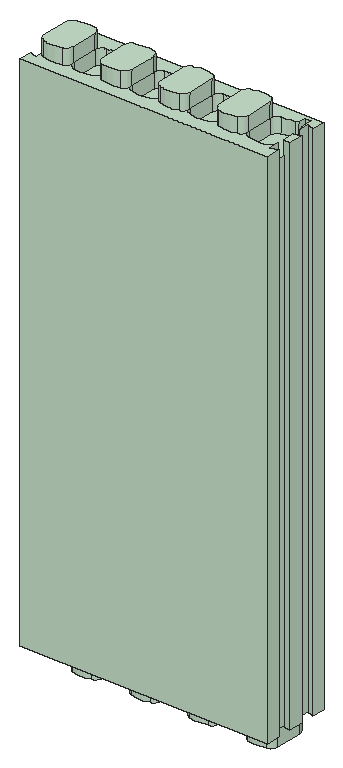
Revit family
Reference planes (in)
  plane 1 "Center (Front/Back)": y = 0
  plane 2: z = 0
  plane 3 "Center (Left/Right)": x = -1
  plane 4: y = 2.375
  plane 5: z = 18
  plane 6: x = 7.5
Forms (in)
  Extrusion 1, solid, material "NUDURA Expanded Polystyrene Foam Insulation"
    sketch origin (0, 0, 0) x (1, 0, 0) y (0, 1, 0)
      loop
        line (-1, 0) -> (7.5, 0) -> (7.5, 0.44867) -> (7.25, 0.38168) -> (7.25, 0.98867) -> (7.5, 0.92633) -> (7.5, 1.44867) -> (7.25, 1.38168) -> (7.25, 1.98867) -> (7.5, 1.92633) -> (7.5, 2.375) -> (-1, 2.375) -> (-1, 1.92633) -> (-0.75, 1.99332) -> (-0.75, 1.38633) -> (-1, 1.44867) -> (-1, 0.92633) -> (-0.75, 0.99332) -> (-0.75, 0.38633) -> (-1, 0.44867) -> (-1, 0)
    from 0 to 18
  Extrusion 2, void
    sketch origin (-0.01563, 0, 0) x (1, 0, 0) y (0, 1, 0)
      loop
        arc (2.98523, 1.98842) -> (2.96388, 1.94159) -> (2.91453, 1.92701) r 0.06202
        arc (2.91453, 1.92701) -> (2.67428, 1.93357) -> (2.4387, 1.88595) r 1.0625
        arc (2.4387, 1.88595) -> (2.31347, 1.79517) -> (2.26563, 1.64808) r 0.25
        line (2.26563, 1.64808) -> (2.26563, 0.72692)
        arc (2.26563, 0.72692) -> (2.31347, 0.57983) -> (2.4387, 0.48905) r 0.25
        arc (2.4387, 0.48905) -> (2.76563, 0.4375) -> (3.09255, 0.48905) r 1.0625
        arc (3.09255, 0.48905) -> (3.21778, 0.57983) -> (3.26563, 0.72692) r 0.25
        line (3.26563, 0.72692) -> (3.26563, 1.64808)
        arc (3.26563, 1.64808) -> (3.25199, 1.72953) -> (3.21256, 1.80209) r 0.25
        arc (3.21256, 1.80209) -> (3.20278, 1.82009) -> (3.19939, 1.84029) r 0.06202
        line (3.19939, 1.84029) -> (3.19939, 2.21033) -> (2.98523, 2.21033) -> (2.98523, 1.98842)
    from 18 to 17.5
  Extrusion 3, void
    sketch origin (1.98437, 0, 0) x (1, 0, 0) y (0, 1, 0)
      loop
        arc (2.98523, 1.98842) -> (2.96388, 1.94159) -> (2.91453, 1.92701) r 0.06202
        arc (2.91453, 1.92701) -> (2.67428, 1.93357) -> (2.4387, 1.88595) r 1.0625
        arc (2.4387, 1.88595) -> (2.31347, 1.79517) -> (2.26563, 1.64808) r 0.25
        line (2.26563, 1.64808) -> (2.26563, 0.72692)
        arc (2.26563, 0.72692) -> (2.31347, 0.57983) -> (2.4387, 0.48905) r 0.25
        arc (2.4387, 0.48905) -> (2.76563, 0.4375) -> (3.09255, 0.48905) r 1.0625
        arc (3.09255, 0.48905) -> (3.21778, 0.57983) -> (3.26563, 0.72692) r 0.25
        line (3.26563, 0.72692) -> (3.26563, 1.64808)
        arc (3.26563, 1.64808) -> (3.25199, 1.72953) -> (3.21256, 1.80209) r 0.25
        arc (3.21256, 1.80209) -> (3.20278, 1.82009) -> (3.19939, 1.84029) r 0.06202
        line (3.19939, 1.84029) -> (3.19939, 2.21033) -> (2.98523, 2.21033) -> (2.98523, 1.98842)
    from 18 to 17.5
  Extrusion 4, void
    sketch origin (-2.01563, 0, 0) x (1, 0, 0) y (0, 1, 0)
      loop
        arc (2.98523, 1.98842) -> (2.96388, 1.94159) -> (2.91453, 1.92701) r 0.06202
        arc (2.91453, 1.92701) -> (2.67428, 1.93357) -> (2.4387, 1.88595) r 1.0625
        arc (2.4387, 1.88595) -> (2.31347, 1.79517) -> (2.26563, 1.64808) r 0.25
        line (2.26563, 1.64808) -> (2.26563, 0.72692)
        arc (2.26563, 0.72692) -> (2.31347, 0.57983) -> (2.4387, 0.48905) r 0.25
        arc (2.4387, 0.48905) -> (2.76563, 0.4375) -> (3.09255, 0.48905) r 1.0625
        arc (3.09255, 0.48905) -> (3.21778, 0.57983) -> (3.26563, 0.72692) r 0.25
        line (3.26563, 0.72692) -> (3.26563, 1.64808)
        arc (3.26563, 1.64808) -> (3.25199, 1.72953) -> (3.21256, 1.80209) r 0.25
        arc (3.21256, 1.80209) -> (3.20278, 1.82009) -> (3.19939, 1.84029) r 0.06202
        line (3.19939, 1.84029) -> (3.19939, 2.21033) -> (2.98523, 2.21033) -> (2.98523, 1.98842)
    from 18 to 17.5
  Extrusion 5, void
    sketch origin (0, 0, 0) x (1, 0, 0) y (0, 1, 0)
      loop
        line (5.53039, 1.98842) -> (5.53039, 2.21033) -> (5.31623, 2.21033) -> (5.31623, 1.84029)
        arc (5.31623, 1.84029) -> (5.31285, 1.82009) -> (5.30307, 1.80209) r 0.06202
        arc (5.30307, 1.80209) -> (5.26364, 1.72953) -> (5.25, 1.64808) r 0.25
        line (5.25, 1.64808) -> (5.25, 0.72692)
        arc (5.25, 0.72692) -> (5.29785, 0.57983) -> (5.42308, 0.48905) r 0.25
        arc (5.42308, 0.48905) -> (5.75, 0.4375) -> (6.07692, 0.48905) r 1.0625
        arc (6.07692, 0.48905) -> (6.20215, 0.57983) -> (6.25, 0.72692) r 0.25
        line (6.25, 0.72692) -> (6.25, 1.64808)
        arc (6.25, 1.64808) -> (6.20215, 1.79517) -> (6.07692, 1.88595) r 0.25
        arc (6.07692, 1.88595) -> (5.84135, 1.93357) -> (5.6011, 1.92701) r 1.0625
        arc (5.6011, 1.92701) -> (5.55174, 1.94159) -> (5.53039, 1.98842) r 0.06202
      loop
        line (3.53039, 1.98842) -> (3.53039, 2.21033) -> (3.31623, 2.21033) -> (3.31623, 1.84029)
        arc (3.31623, 1.84029) -> (3.31285, 1.82009) -> (3.30307, 1.80209) r 0.06202
        arc (3.30307, 1.80209) -> (3.26364, 1.72953) -> (3.25, 1.64808) r 0.25
        line (3.25, 1.64808) -> (3.25, 0.72692)
        arc (3.25, 0.72692) -> (3.29785, 0.57983) -> (3.42308, 0.48905) r 0.25
        arc (3.42308, 0.48905) -> (3.75, 0.4375) -> (4.07692, 0.48905) r 1.0625
        arc (4.07692, 0.48905) -> (4.20215, 0.57983) -> (4.25, 0.72692) r 0.25
        line (4.25, 0.72692) -> (4.25, 1.64808)
        arc (4.25, 1.64808) -> (4.20215, 1.79517) -> (4.07692, 1.88595) r 0.25
        arc (4.07692, 1.88595) -> (3.84135, 1.93357) -> (3.6011, 1.92701) r 1.0625
        arc (3.6011, 1.92701) -> (3.55174, 1.94159) -> (3.53039, 1.98842) r 0.06202
      loop
        line (1.53039, 1.98842) -> (1.53039, 2.21033) -> (1.31623, 2.21033) -> (1.31623, 1.84029)
        arc (1.31623, 1.84029) -> (1.31285, 1.82009) -> (1.30307, 1.80209) r 0.06202
        arc (1.30307, 1.80209) -> (1.26364, 1.72953) -> (1.25, 1.64808) r 0.25
        line (1.25, 1.64808) -> (1.25, 0.72692)
        arc (1.25, 0.72692) -> (1.29785, 0.57983) -> (1.42308, 0.48905) r 0.25
        arc (1.42308, 0.48905) -> (1.75, 0.4375) -> (2.07692, 0.48905) r 1.0625
        arc (2.07692, 0.48905) -> (2.20215, 0.57983) -> (2.25, 0.72692) r 0.25
        line (2.25, 0.72692) -> (2.25, 1.64808)
        arc (2.25, 1.64808) -> (2.20215, 1.79517) -> (2.07692, 1.88595) r 0.25
        arc (2.07692, 1.88595) -> (1.84135, 1.93357) -> (1.6011, 1.92701) r 1.0625
        arc (1.6011, 1.92701) -> (1.55174, 1.94159) -> (1.53039, 1.98842) r 0.06202
      loop
        line (-0.46961, 1.98842) -> (-0.46961, 2.21033) -> (-0.68377, 2.21033) -> (-0.68377, 1.84029)
        arc (-0.68377, 1.84029) -> (-0.68715, 1.82009) -> (-0.69693, 1.80209) r 0.06202
        arc (-0.69693, 1.80209) -> (-0.73636, 1.72953) -> (-0.75, 1.64808) r 0.25
        line (-0.75, 1.64808) -> (-0.75, 0.72692)
        arc (-0.75, 0.72692) -> (-0.70215, 0.57983) -> (-0.57692, 0.48905) r 0.25
        arc (-0.57692, 0.48905) -> (-0.25, 0.4375) -> (0.07692, 0.48905) r 1.0625
        arc (0.07692, 0.48905) -> (0.20215, 0.57983) -> (0.25, 0.72692) r 0.25
        line (0.25, 0.72692) -> (0.25, 1.64808)
        arc (0.25, 1.64808) -> (0.20215, 1.79517) -> (0.07692, 1.88595) r 0.25
        arc (0.07692, 1.88595) -> (-0.15865, 1.93357) -> (-0.3989, 1.92701) r 1.0625
        arc (-0.3989, 1.92701) -> (-0.44826, 1.94159) -> (-0.46961, 1.98842) r 0.06202
    from 0 to 0.5
  Extrusion 6, void
    sketch origin (3.98437, 0, 0) x (1, 0, 0) y (0, 1, 0)
      loop
        arc (2.98523, 1.98842) -> (2.96388, 1.94159) -> (2.91453, 1.92701) r 0.06202
        arc (2.91453, 1.92701) -> (2.67428, 1.93357) -> (2.4387, 1.88595) r 1.0625
        arc (2.4387, 1.88595) -> (2.31347, 1.79517) -> (2.26563, 1.64808) r 0.25
        line (2.26563, 1.64808) -> (2.26563, 0.72692)
        arc (2.26563, 0.72692) -> (2.31347, 0.57983) -> (2.4387, 0.48905) r 0.25
        arc (2.4387, 0.48905) -> (2.76563, 0.4375) -> (3.09255, 0.48905) r 1.0625
        arc (3.09255, 0.48905) -> (3.21778, 0.57983) -> (3.26563, 0.72692) r 0.25
        line (3.26563, 0.72692) -> (3.26563, 1.64808)
        arc (3.26563, 1.64808) -> (3.25199, 1.72953) -> (3.21256, 1.80209) r 0.25
        arc (3.21256, 1.80209) -> (3.20278, 1.82009) -> (3.19939, 1.84029) r 0.06202
        line (3.19939, 1.84029) -> (3.19939, 2.21033) -> (2.98523, 2.21033) -> (2.98523, 1.98842)
    from 18 to 17.5
Cuts and joins
  Extrusion 2, Extrusion 3, Extrusion 4, Extrusion 5, Extrusion 6 cuts Extrusion 1
Dimensions and locks (in)
  locked: plane 5 to plane 2 at 18
  aligned and locked: cut or joined group of Extrusion 1, Extrusion 2, Extrusion 3, Extrusion 4, Extrusion 5, Extrusion 6 to nested 10
Nested families (in)
  nested 1: "Capture Lugs" at (3.25, 5.625, 0), type "Capture Lugs"
  nested 2: "Interlock Tooth" at (1.25, 5.625, 0), type "Interlock Tooth"
  nested 3: "Interlock Tooth" at (3.25, 5.625, 0), type "Interlock Tooth"
  nested 4: "Interlock Tooth" at (5.25, 5.625, 0), type "Interlock Tooth"
  nested 5: "Interlock Tooth" at (4.25, 5.625, -18.5), type "Interlock Tooth"
  nested 6: "Interlock Tooth" at (2.25, 5.625, -18.5), type "Interlock Tooth"
  nested 7: "Interlock Tooth" at (0.25, 5.625, -18.5), type "Interlock Tooth"
  nested 8: "Interlock Tooth" at (6.25, 5.625, -18.5), type "Interlock Tooth"
  nested 9: "Interlock Tooth" at (-0.75, 5.625, 0), type "Interlock Tooth"
  nested 10: "NUDURA Logo Diamond without Outside Line" at (-8.74744, 0, 0), type "NUDURA Logo Diamond without Outside Line"
Definition of nested family "Capture Lugs"
  Reference planes (in)
    plane 1 "Center (Front/Back)": y = 0
    plane 2: z = 0
    plane 3 "Center (Left/Right)": x = 0
  Forms (in)
    Extrusion 1, solid, material "High Density Polystyrene"
      sketch origin (0, 0, 0) x (0, 1, 0) y (0, 0, 1)
        loop
          arc (-3.25, 0) -> (-3.22112, 0.01975) -> (-3.21, 0.05292) r 0.055
          line (-3.21, 0.05292) -> (-3.21, 17.69292)
          arc (-3.21, 17.69292) -> (-3.22112, 17.72608) -> (-3.25, 17.74583) r 0.055
          line (-3.25, 17.74583) -> (-3.25, 0)
      from 0.36328 to -0.36328
    Extrusion 2, solid, material "High Density Polystyrene"
      sketch origin (0, 0, 0) x (0, 1, 0) y (0, 0, 1)
        loop
          line (-3.21, 16.17792) -> (-3.21, 14.97792) -> (-2.71, 14.97792) -> (-2.71, 16.17792) -> (-3.21, 16.17792)
        loop
          line (-3.21, 14.22792) -> (-3.21, 13.02792) -> (-2.71, 13.02792) -> (-2.71, 14.22792) -> (-3.21, 14.22792)
        loop
          line (-3.21, 12.27792) -> (-3.21, 11.07792) -> (-2.71, 11.07792) -> (-2.71, 12.27792) -> (-3.21, 12.27792)
        loop
          line (-3.21, 10.32792) -> (-3.21, 9.24792) -> (-2.71, 9.24792) -> (-2.71, 10.32792) -> (-3.21, 10.32792)
        loop
          line (-3.21, 8.49792) -> (-3.21, 7.41792) -> (-2.71, 7.41792) -> (-2.71, 8.49792) -> (-3.21, 8.49792)
        loop
          line (-3.21, 6.66792) -> (-3.21, 5.46792) -> (-2.71, 5.46792) -> (-2.71, 6.66792) -> (-3.21, 6.66792)
        loop
          line (-3.21, 4.71792) -> (-3.21, 3.51792) -> (-2.71, 3.51792) -> (-2.71, 4.71792) -> (-3.21, 4.71792)
        loop
          line (-3.21, 2.76792) -> (-3.21, 1.56792) -> (-2.71, 1.56792) -> (-2.71, 2.76792) -> (-3.21, 2.76792)
      from 0.25 to -0.25
    Extrusion 3, void
      sketch origin (0, 0, 0) x (1, 0, 0) y (0, 1, 0)
        loop
          arc (-0.25, -2.79249) -> (-0.22584, -2.73416) -> (-0.1675, -2.71) r 0.0825
          line (-0.1675, -2.71) -> (-0.25, -2.71) -> (-0.25, -2.79249)
      from 0 to 18
    Extrusion 4, void
      sketch origin (0, 0, 0) x (-1, 0, 0) y (0, -1, 0)
        loop
          line (-0.25, 2.79249) -> (-0.25, 2.71) -> (-0.1675, 2.71)
          arc (-0.1675, 2.71) -> (-0.22584, 2.73416) -> (-0.25, 2.79249) r 0.0825
      from 0 to 18
    Extrusion 5, void
      sketch origin (0, 0, 0) x (1, 0, 0) y (0, 1, 0)
        loop
          arc (-0.04687, -2.835) -> (0, -3.07587) -> (0.04688, -2.835) r 0.125
          line (0.04688, -2.835) -> (0.04688, -2.71) -> (-0.04687, -2.71) -> (-0.04687, -2.835)
      from 0 to 18
  Cuts and joins
    Extrusion 3, Extrusion 4 cuts Extrusion 1
    Extrusion 3, Extrusion 4, Extrusion 5 cuts Extrusion 2
Definition of nested family "Interlock Tooth"
  Reference planes (in)
    plane 1 "Center (Front/Back)": y = 0
    plane 2: z = 0
    plane 3 "Center (Left/Right)": x = 0
    plane 4: z = 18
    plane 5: z = 18.5
    plane 6: z = -0.5
  Forms (in)
    Extrusion 1, solid, material "NUDURA Expanded Polystyrene Foam Insulation"
      sketch origin (0, -8.875, 0) x (1, 0, 0) y (0, 1, 0)
        loop
          arc (0, 3.97692) -> (0.04785, 3.82983) -> (0.17308, 3.73905) r 0.25
          arc (0.17308, 3.73905) -> (0.5, 3.6875) -> (0.82692, 3.73905) r 1.0625
          arc (0.82692, 3.73905) -> (0.95215, 3.82983) -> (1, 3.97692) r 0.25
          line (1, 3.97692) -> (1, 4.89808)
          arc (1, 4.89808) -> (0.95215, 5.04517) -> (0.82692, 5.13595) r 0.25
          arc (0.82692, 5.13595) -> (0.5, 5.1875) -> (0.17308, 5.13595) r 1.0625
          arc (0.17308, 5.13595) -> (0.04785, 5.04517) -> (0, 4.89808) r 0.25
          line (0, 4.89808) -> (0, 3.97692)
      from 18 to 18.5
  Dimensions and locks (in)
    locked: plane 4 to level at 18
    locked: plane 4 to plane 5 at 0.5
    locked: plane 6 to level at 0.5
Definition of nested family "NUDURA Logo Diamond without Outside Line"
  Reference planes (in)
    plane 1 "Center (Front/Back)": y = 0
    plane 2: z = 0
    plane 3 "Center (Left/Right)": x = 0
  Lines and regions (in)
    model lines
      curve 1: line (12.59848, 0, 17.50104) -> (12.24492, 0, 17.85459)
      curve 2: line (12.36113, 0, 16.76872) -> (12.59848, 0, 17.00607)
      curve 3: line (12.59848, 0, 16.00104) -> (12.36113, 0, 16.23839)
      curve 4: line (12.36113, 0, 15.26872) -> (12.59848, 0, 15.50607)
      curve 5: line (12.59848, 0, 14.50104) -> (12.36113, 0, 14.73839)
      curve 6: line (12.36113, 0, 13.76872) -> (12.59848, 0, 14.00607)
      curve 7: line (12.17421, 0, 13.28388) -> (12.71208, 0, 12.74602)
      curve 8: line (12.71208, 0, 12.74602) -> (12.78279, 0, 12.81673)
      curve 9: line (11.28279, 0, 12.74602) -> (11.82066, 0, 13.28388)
      curve 10: line (11.63374, 0, 13.23839) -> (11.21208, 0, 12.81673)
      curve 11: line (11.3964, 0, 14.00607) -> (11.63374, 0, 13.76872)
      curve 12: line (11.63374, 0, 14.73839) -> (11.3964, 0, 14.50104)
      curve 13: line (11.3964, 0, 15.50607) -> (11.63374, 0, 15.26872)
      curve 14: line (11.63374, 0, 16.23839) -> (11.3964, 0, 16.00104)
      curve 15: line (11.3964, 0, 17.00607) -> (11.63374, 0, 16.76872)
      curve 16: line (11.74995, 0, 17.85459) -> (11.3964, 0, 17.50104)
      curve 17: line (11.82066, 0, 17.78388) -> (11.46711, 0, 17.43033)
      curve 18: line (12.52777, 0, 17.43033) -> (12.17421, 0, 17.78388)
      curve 19: line (12.17421, 0, 16.72322) -> (12.52777, 0, 17.07678)
      curve 20: line (11.46711, 0, 17.07678) -> (11.82066, 0, 16.72322)
      curve 21: arc (11.3964, 0, 17.50104) -> (11.29388, 0, 17.25355) -> (11.3964, 0, 17.00607) r 0.35
      curve 22: arc (11.74995, 0, 17.85459) -> (11.99744, 0, 17.95711) -> (12.24492, 0, 17.85459) r 0.35
      curve 23: arc (11.46711, 0, 17.43033) -> (11.39388, 0, 17.25355) -> (11.46711, 0, 17.07678) r 0.25
      curve 24: arc (12.52777, 0, 17.43033) -> (12.60099, 0, 17.25355) -> (12.52777, 0, 17.07678) r 0.25
      curve 25: arc (12.17421, 0, 16.72322) -> (11.99744, 0, 16.65) -> (11.82066, 0, 16.72322) r 0.25
      curve 26: arc (11.82066, 0, 17.78388) -> (11.99744, 0, 17.85711) -> (12.17421, 0, 17.78388) r 0.25
      curve 27: arc (12.59848, 0, 17.50104) -> (12.70099, 0, 17.25355) -> (12.59848, 0, 17.00607) r 0.35
      curve 28: arc (11.63374, 0, 16.76872) -> (11.74358, 0, 16.50355) -> (11.63374, 0, 16.23839) r 0.375
      curve 29: arc (12.36113, 0, 16.76872) -> (12.2513, 0, 16.50355) -> (12.36113, 0, 16.23839) r 0.375
      curve 30: line (12.36113, 0, 15.26872) -> (12.59848, 0, 15.50607)
      curve 31: line (11.3964, 0, 15.50607) -> (11.63374, 0, 15.26872)
      curve 32: line (11.82066, 0, 16.28388) -> (11.46711, 0, 15.93033)
      curve 33: line (12.52777, 0, 15.93033) -> (12.17421, 0, 16.28388)
      curve 34: line (12.17421, 0, 15.22322) -> (12.52777, 0, 15.57678)
      curve 35: line (11.46711, 0, 15.57678) -> (11.82066, 0, 15.22322)
      curve 36: arc (11.3964, 0, 16.00104) -> (11.29388, 0, 15.75355) -> (11.3964, 0, 15.50607) r 0.35
      curve 37: arc (11.46711, 0, 15.93033) -> (11.39388, 0, 15.75355) -> (11.46711, 0, 15.57678) r 0.25
      curve 38: arc (12.52777, 0, 15.93033) -> (12.60099, 0, 15.75355) -> (12.52777, 0, 15.57678) r 0.25
      curve 39: arc (12.17421, 0, 15.22322) -> (11.99744, 0, 15.15) -> (11.82066, 0, 15.22322) r 0.25
      curve 40: arc (11.82066, 0, 16.28388) -> (11.99744, 0, 16.35711) -> (12.17421, 0, 16.28388) r 0.25
      curve 41: arc (12.59848, 0, 16.00104) -> (12.70099, 0, 15.75355) -> (12.59848, 0, 15.50607) r 0.35
      curve 42: line (11.63374, 0, 16.23839) -> (11.3964, 0, 16.00104)
      curve 43: line (12.59848, 0, 16.00104) -> (12.36113, 0, 16.23839)
      curve 44: arc (11.63374, 0, 15.26872) -> (11.74358, 0, 15.00355) -> (11.63374, 0, 14.73839) r 0.375
      curve 45: arc (12.36113, 0, 15.26872) -> (12.2513, 0, 15.00355) -> (12.36113, 0, 14.73839) r 0.375
      curve 46: line (12.36113, 0, 13.76872) -> (12.59848, 0, 14.00607)
      curve 47: line (11.3964, 0, 14.00607) -> (11.63374, 0, 13.76872)
      curve 48: line (11.82066, 0, 14.78388) -> (11.46711, 0, 14.43033)
      curve 49: line (12.52777, 0, 14.43033) -> (12.17421, 0, 14.78388)
      curve 50: line (12.17421, 0, 13.72322) -> (12.52777, 0, 14.07678)
      curve 51: line (11.46711, 0, 14.07678) -> (11.82066, 0, 13.72322)
      curve 52: arc (11.3964, 0, 14.50104) -> (11.29388, 0, 14.25355) -> (11.3964, 0, 14.00607) r 0.35
      curve 53: arc (11.46711, 0, 14.43033) -> (11.39388, 0, 14.25355) -> (11.46711, 0, 14.07678) r 0.25
      curve 54: arc (12.52777, 0, 14.43033) -> (12.60099, 0, 14.25355) -> (12.52777, 0, 14.07678) r 0.25
      curve 55: arc (12.17421, 0, 13.72322) -> (11.99744, 0, 13.65) -> (11.82066, 0, 13.72322) r 0.25
      curve 56: arc (11.82066, 0, 14.78388) -> (11.99744, 0, 14.85711) -> (12.17421, 0, 14.78388) r 0.25
      curve 57: arc (12.59848, 0, 14.50104) -> (12.70099, 0, 14.25355) -> (12.59848, 0, 14.00607) r 0.35
      curve 58: line (11.63374, 0, 14.73839) -> (11.3964, 0, 14.50104)
      curve 59: arc (11.63374, 0, 13.76872) -> (11.74358, 0, 13.50355) -> (11.63374, 0, 13.23839) r 0.375
      curve 60: arc (12.36113, 0, 13.76872) -> (12.2513, 0, 13.50355) -> (12.36113, 0, 13.23839) r 0.375
      curve 61: line (12.78279, 0, 12.81673) -> (12.36113, 0, 13.23839)
      curve 62: line (11.21208, 0, 12.81673) -> (11.28279, 0, 12.74602)
      curve 63: arc (11.82066, 0, 13.28388) -> (11.99744, 0, 13.35711) -> (12.17421, 0, 13.28388) r 0.25
      curve 64: line (12.59848, 0, 0.50607) -> (12.24492, 0, 0.15251)
      curve 65: line (12.36113, 0, 1.23839) -> (12.59848, 0, 1.00104)
      curve 66: line (12.59848, 0, 2.00607) -> (12.36113, 0, 1.76872)
      curve 67: line (12.36113, 0, 2.73839) -> (12.59848, 0, 2.50104)
      curve 68: line (12.59848, 0, 3.50607) -> (12.36113, 0, 3.26872)
      curve 69: line (12.36113, 0, 4.23839) -> (12.59848, 0, 4.00104)
      curve 70: line (12.17421, 0, 4.72322) -> (12.71208, 0, 5.26109)
      curve 71: line (12.71208, 0, 5.26109) -> (12.78279, 0, 5.19038)
      curve 72: line (11.28279, 0, 5.26109) -> (11.82066, 0, 4.72322)
      curve 73: line (11.63374, 0, 4.76872) -> (11.21208, 0, 5.19038)
      curve 74: line (11.3964, 0, 4.00104) -> (11.63374, 0, 4.23839)
      curve 75: line (11.63374, 0, 3.26872) -> (11.3964, 0, 3.50607)
      curve 76: line (11.3964, 0, 2.50104) -> (11.63374, 0, 2.73839)
      curve 77: line (11.63374, 0, 1.76872) -> (11.3964, 0, 2.00607)
      curve 78: line (11.3964, 0, 1.00104) -> (11.63374, 0, 1.23839)
      curve 79: line (11.74995, 0, 0.15251) -> (11.3964, 0, 0.50607)
      curve 80: line (11.82066, 0, 0.22322) -> (11.46711, 0, 0.57678)
      curve 81: line (12.52777, 0, 0.57678) -> (12.17421, 0, 0.22322)
      curve 82: line (12.17421, 0, 1.28388) -> (12.52777, 0, 0.93033)
      curve 83: line (11.46711, 0, 0.93033) -> (11.82066, 0, 1.28388)
      curve 84: arc (11.3964, 0, 0.50607) -> (11.29388, 0, 0.75355) -> (11.3964, 0, 1.00104) r 0.35
      curve 85: arc (11.74995, 0, 0.15251) -> (11.99744, 0, 0.05) -> (12.24492, 0, 0.15251) r 0.35
      curve 86: arc (11.46711, 0, 0.57678) -> (11.39388, 0, 0.75355) -> (11.46711, 0, 0.93033) r 0.25
      curve 87: arc (12.52777, 0, 0.57678) -> (12.60099, 0, 0.75355) -> (12.52777, 0, 0.93033) r 0.25
      curve 88: arc (12.17421, 0, 1.28388) -> (11.99744, 0, 1.35711) -> (11.82066, 0, 1.28388) r 0.25
      curve 89: arc (11.82066, 0, 0.22322) -> (11.99744, 0, 0.15) -> (12.17421, 0, 0.22322) r 0.25
      curve 90: arc (12.59848, 0, 0.50607) -> (12.70099, 0, 0.75355) -> (12.59848, 0, 1.00104) r 0.35
      curve 91: arc (11.63374, 0, 1.23839) -> (11.74358, 0, 1.50355) -> (11.63374, 0, 1.76872) r 0.375
      curve 92: arc (12.36113, 0, 1.23839) -> (12.2513, 0, 1.50355) -> (12.36113, 0, 1.76872) r 0.375
      curve 93: line (12.36113, 0, 2.73839) -> (12.59848, 0, 2.50104)
      curve 94: line (11.3964, 0, 2.50104) -> (11.63374, 0, 2.73839)
      curve 95: line (11.82066, 0, 1.72322) -> (11.46711, 0, 2.07678)
      curve 96: line (12.52777, 0, 2.07678) -> (12.17421, 0, 1.72322)
      curve 97: line (12.17421, 0, 2.78388) -> (12.52777, 0, 2.43033)
      curve 98: line (11.46711, 0, 2.43033) -> (11.82066, 0, 2.78388)
      curve 99: arc (11.3964, 0, 2.00607) -> (11.29388, 0, 2.25355) -> (11.3964, 0, 2.50104) r 0.35
      curve 100: arc (11.46711, 0, 2.07678) -> (11.39388, 0, 2.25355) -> (11.46711, 0, 2.43033) r 0.25
      curve 101: arc (12.52777, 0, 2.07678) -> (12.60099, 0, 2.25355) -> (12.52777, 0, 2.43033) r 0.25
      curve 102: arc (12.17421, 0, 2.78388) -> (11.99744, 0, 2.85711) -> (11.82066, 0, 2.78388) r 0.25
      curve 103: arc (11.82066, 0, 1.72322) -> (11.99744, 0, 1.65) -> (12.17421, 0, 1.72322) r 0.25
      curve 104: arc (12.59848, 0, 2.00607) -> (12.70099, 0, 2.25355) -> (12.59848, 0, 2.50104) r 0.35
      curve 105: line (11.63374, 0, 1.76872) -> (11.3964, 0, 2.00607)
      curve 106: line (12.59848, 0, 2.00607) -> (12.36113, 0, 1.76872)
      curve 107: arc (11.63374, 0, 2.73839) -> (11.74358, 0, 3.00355) -> (11.63374, 0, 3.26872) r 0.375
      curve 108: arc (12.36113, 0, 2.73839) -> (12.2513, 0, 3.00355) -> (12.36113, 0, 3.26872) r 0.375
      curve 109: line (12.36113, 0, 4.23839) -> (12.59848, 0, 4.00104)
      curve 110: line (11.3964, 0, 4.00104) -> (11.63374, 0, 4.23839)
      curve 111: line (11.82066, 0, 3.22322) -> (11.46711, 0, 3.57678)
      curve 112: line (12.52777, 0, 3.57678) -> (12.17421, 0, 3.22322)
      curve 113: line (12.17421, 0, 4.28388) -> (12.52777, 0, 3.93033)
      curve 114: line (11.46711, 0, 3.93033) -> (11.82066, 0, 4.28388)
      curve 115: arc (11.3964, 0, 3.50607) -> (11.29388, 0, 3.75355) -> (11.3964, 0, 4.00104) r 0.35
      curve 116: arc (11.46711, 0, 3.57678) -> (11.39388, 0, 3.75355) -> (11.46711, 0, 3.93033) r 0.25
      curve 117: arc (12.52777, 0, 3.57678) -> (12.60099, 0, 3.75355) -> (12.52777, 0, 3.93033) r 0.25
      curve 118: arc (12.17421, 0, 4.28388) -> (11.99744, 0, 4.35711) -> (11.82066, 0, 4.28388) r 0.25
      curve 119: arc (11.82066, 0, 3.22322) -> (11.99744, 0, 3.15) -> (12.17421, 0, 3.22322) r 0.25
      curve 120: arc (12.59848, 0, 3.50607) -> (12.70099, 0, 3.75355) -> (12.59848, 0, 4.00104) r 0.35
      curve 121: line (11.63374, 0, 3.26872) -> (11.3964, 0, 3.50607)
      curve 122: arc (11.63374, 0, 4.23839) -> (11.74358, 0, 4.50355) -> (11.63374, 0, 4.76872) r 0.375
      curve 123: arc (12.36113, 0, 4.23839) -> (12.2513, 0, 4.50355) -> (12.36113, 0, 4.76872) r 0.375
      curve 124: line (12.78279, 0, 5.19038) -> (12.36113, 0, 4.76872)
      curve 125: line (11.21208, 0, 5.19038) -> (11.28279, 0, 5.26109)
      curve 126: arc (11.82066, 0, 4.72322) -> (11.99744, 0, 4.65) -> (12.17421, 0, 4.72322) r 0.25
      curve 127: line (12.37244, 0, 12.50355) -> (11.62244, 0, 12.50355)
      curve 128: line (12.74744, 0, 5.87855) -> (12.74744, 0, 12.12855)
      curve 129: line (11.24744, 0, 12.12855) -> (11.24744, 0, 5.87855)
      curve 130: line (11.62244, 0, 5.50355) -> (12.37244, 0, 5.50355)
      curve 131: line (12.47232, 0, 12.00355) -> (12.0393, 0, 12.25355)
      curve 132: line (12.47232, 0, 11.50355) -> (12.47232, 0, 12.00355)
      curve 133: line (12.25581, 0, 11.37855) -> (12.47232, 0, 11.50355)
      curve 134: line (12.02256, 0, 11.51322) -> (12.25581, 0, 11.37855)
      curve 135: line (12.22232, 0, 11.62855) -> (12.02256, 0, 11.51322)
      curve 136: line (11.80605, 0, 12.11888) -> (12.22232, 0, 11.87855)
      curve 137: line (12.22232, 0, 11.87855) -> (12.22232, 0, 11.62855)
      curve 138: line (12.0393, 0, 12.25355) -> (11.80605, 0, 12.11888)
      curve 139: line (11.77256, 0, 11.63822) -> (11.97232, 0, 11.75355)
      curve 140: line (11.97232, 0, 11.75355) -> (11.73906, 0, 11.88822)
      curve 141: line (11.73906, 0, 11.88822) -> (11.52256, 0, 11.76322)
      curve 142: line (11.52256, 0, 11.76322) -> (11.52256, 0, 11.26322)
      curve 143: line (11.77256, 0, 11.38822) -> (11.77256, 0, 11.63822)
      curve 144: line (12.18882, 0, 11.14789) -> (11.77256, 0, 11.38822)
      curve 145: line (11.95557, 0, 11.01322) -> (12.18882, 0, 11.14789)
      curve 146: line (11.52256, 0, 11.26322) -> (11.95557, 0, 11.01322)
      curve 147: line (12.31108, 0, 10.60411) -> (11.68379, 0, 10.74458)
      curve 148: line (11.68379, 0, 10.74458) -> (11.68379, 0, 10.51321)
      curve 149: line (11.68379, 0, 10.51321) -> (12.1295, 0, 10.41405)
      curve 150: line (12.1295, 0, 10.41405) -> (11.68379, 0, 10.27358)
      curve 151: line (11.68379, 0, 10.27358) -> (11.68379, 0, 9.8852)
      curve 152: line (11.68379, 0, 9.8852) -> (12.17077, 0, 9.77615)
      curve 153: line (12.17077, 0, 9.77615) -> (12.17077, 0, 9.74472)
      curve 154: line (12.17077, 0, 9.74472) -> (11.86146, 0, 9.80279)
      curve 155: line (11.68379, 0, 9.65536) -> (11.68379, 0, 9.35864)
      curve 156: line (12.07077, 0, 8.74385) -> (12.07077, 0, 8.99996)
      curve 157: line (12.07077, 0, 8.99996) -> (11.68379, 0, 9.08605)
      curve 158: line (11.68379, 0, 9.08605) -> (11.68379, 0, 8.47809)
      curve 159: line (11.91823, 0, 9.06589) -> (12.31108, 0, 8.97792)
      curve 160: line (11.82444, 0, 8.55476) -> (11.82444, 0, 8.79865)
      curve 161: line (11.82444, 0, 8.79865) -> (12.07077, 0, 8.74385)
      curve 162: line (11.68379, 0, 8.07193) -> (11.68379, 0, 7.77522)
      curve 163: line (11.91823, 0, 7.48247) -> (12.21108, 0, 7.41688)
      curve 164: line (12.21108, 0, 7.41688) -> (12.21108, 0, 6.95405)
      curve 165: line (12.16108, 0, 6.90405) -> (12.12077, 0, 6.90405)
      curve 166: line (12.07077, 0, 6.95405) -> (12.07077, 0, 7.08675)
      curve 167: line (12.07077, 0, 7.08675) -> (12.12077, 0, 7.07556)
      curve 168: line (12.12077, 0, 7.07556) -> (12.12077, 0, 7.33463)
      curve 169: line (12.12077, 0, 7.33463) -> (11.68379, 0, 7.43249)
      curve 170: line (11.68379, 0, 7.43249) -> (11.68379, 0, 7.17341)
      curve 171: line (11.68379, 0, 7.17341) -> (11.97077, 0, 7.10915)
      curve 172: line (11.97077, 0, 7.10915) -> (11.97077, 0, 6.99425)
      curve 173: line (11.92077, 0, 6.94425) -> (11.68379, 0, 6.94425)
      curve 174: line (11.68379, 0, 6.94425) -> (11.68379, 0, 6.45682)
      curve 175: line (11.68379, 0, 6.45682) -> (11.78284, 0, 6.38658)
      curve 176: line (11.78284, 0, 6.38658) -> (11.78284, 0, 6.05178)
      curve 177: line (12.12371, 0, 6.14486) -> (11.88284, 0, 6.31567)
      curve 178: line (11.88284, 0, 6.31567) -> (11.88284, 0, 6.07909)
      curve 179: line (11.88284, 0, 6.07909) -> (12.12371, 0, 6.14486)
      curve 180: line (11.78284, 0, 6.05178) -> (11.68379, 0, 6.02474)
      curve 181: line (11.68379, 0, 6.02474) -> (11.68379, 0, 5.75355)
      curve 182: line (11.68379, 0, 5.75355) -> (12.31108, 0, 5.92483)
      curve 183: line (12.31108, 0, 5.92483) -> (12.31108, 0, 6.28791)
      curve 184: line (12.31108, 0, 6.28791) -> (11.76249, 0, 6.67694)
      curve 185: line (11.76249, 0, 6.67694) -> (11.90321, 0, 6.67694)
      curve 186: line (12.31108, 0, 6.78674) -> (12.31108, 0, 7.63562)
      curve 187: line (12.31108, 0, 7.63562) -> (11.90258, 0, 7.7271)
      curve 188: line (11.82444, 0, 7.82469) -> (11.82444, 0, 7.92839)
      curve 189: line (11.88536, 0, 7.97718) -> (12.31108, 0, 7.88185)
      curve 190: line (12.31108, 0, 7.88185) -> (12.31108, 0, 8.13496)
      curve 191: line (12.31108, 0, 8.13496) -> (12.08042, 0, 8.17826)
      curve 192: line (12.31108, 0, 8.38353) -> (12.31108, 0, 8.9465)
      curve 193: line (12.31108, 0, 8.9465) -> (12.17077, 0, 8.97771)
      curve 194: line (12.17077, 0, 8.97771) -> (12.17077, 0, 8.55476)
      curve 195: line (12.31108, 0, 8.97792) -> (12.31108, 0, 9.21905)
      curve 196: line (12.31108, 0, 9.21905) -> (11.90258, 0, 9.31053)
      curve 197: line (11.82444, 0, 9.40811) -> (11.82444, 0, 9.51182)
      curve 198: line (11.87938, 0, 9.56195) -> (12.31108, 0, 9.46528)
      curve 199: line (12.31108, 0, 9.46528) -> (12.31108, 0, 9.98469)
      curve 200: line (12.31108, 0, 9.98469) -> (11.90664, 0, 10.07526)
      curve 201: line (11.90664, 0, 10.07526) -> (12.31108, 0, 10.20747)
      curve 202: line (12.31108, 0, 10.20747) -> (12.31108, 0, 10.60411)
      curve 203: arc (11.68379, 0, 9.65536) -> (11.73801, 0, 9.7708) -> (11.86146, 0, 9.80279) r 0.15
      curve 204: arc (11.68379, 0, 9.35864) -> (11.74962, 0, 9.17112) -> (11.91823, 0, 9.06589) r 0.3
      curve 205: arc (11.84417, 0, 8.22149) -> (11.72718, 0, 8.32679) -> (11.68379, 0, 8.47809) r 0.28547
      curve 206: arc (11.68379, 0, 8.07193) -> (11.73147, 0, 8.18158) -> (11.84417, 0, 8.22149) r 0.14992
      curve 207: arc (11.68379, 0, 7.77522) -> (11.74962, 0, 7.58769) -> (11.91823, 0, 7.48247) r 0.3
      curve 208: arc (11.82444, 0, 7.82469) -> (11.84638, 0, 7.76218) -> (11.90258, 0, 7.7271) r 0.1
      curve 209: arc (11.82444, 0, 7.92839) -> (11.84318, 0, 7.96742) -> (11.88536, 0, 7.97718) r 0.05
      curve 210: arc (12.12077, 0, 6.90405) -> (12.08541, 0, 6.91869) -> (12.07077, 0, 6.95405) r 0.05
      curve 211: arc (12.16108, 0, 6.90405) -> (12.19644, 0, 6.91869) -> (12.21108, 0, 6.95405) r 0.05
      curve 212: arc (11.97077, 0, 6.99425) -> (11.95612, 0, 6.95889) -> (11.92077, 0, 6.94425) r 0.05
      curve 213: arc (11.90321, 0, 6.67694) -> (11.96756, 0, 6.70069) -> (12.00104, 0, 6.76055) r 0.09904
      curve 214: arc (12.00104, 0, 6.76055) -> (12.1681, 0, 6.63117) -> (12.31108, 0, 6.78674) r 0.15613
      curve 215: arc (12.08042, 0, 8.17826) -> (12.24181, 0, 8.22914) -> (12.31108, 0, 8.38353) r 0.20667
      curve 216: arc (11.82444, 0, 8.55476) -> (11.9976, 0, 8.3816) -> (12.17077, 0, 8.55476) r 0.17317
      curve 217: arc (11.82444, 0, 9.40811) -> (11.84638, 0, 9.34561) -> (11.90258, 0, 9.31053) r 0.1
      curve 218: arc (11.82444, 0, 9.51182) -> (11.8459, 0, 9.55306) -> (11.892, 0, 9.55913) r 0.05034
      curve 219: arc (11.24744, 0, 12.12855) -> (11.35727, 0, 12.39372) -> (11.62244, 0, 12.50355) r 0.375
      curve 220: arc (12.37244, 0, 12.50355) -> (12.6376, 0, 12.39372) -> (12.74744, 0, 12.12855) r 0.375
      curve 221: arc (11.24744, 0, 5.87855) -> (11.35727, 0, 5.61339) -> (11.62244, 0, 5.50355) r 0.375
      curve 222: arc (12.37244, 0, 5.50355) -> (12.6376, 0, 5.61339) -> (12.74744, 0, 5.87855) r 0.375
      curve 223: line (9.99744, 0, 18) -> (9.99744, 0, 0)
      curve 224: line (13.99744, 0, 18) -> (13.99744, 0, 0)
